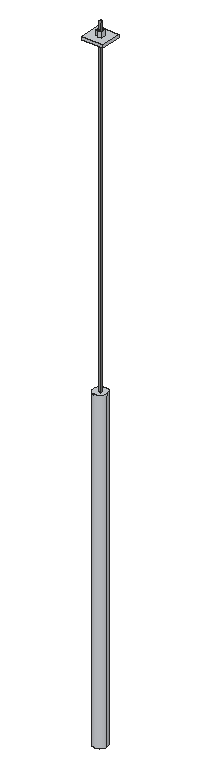
Revit family "FON-C-O-TiranteDywidag verticale", category Modelli generici, Revit 2021
Family settings
  Può ospitare armatura = No
  Quota connettore circolare = Usa diametro
  Tipo di parte = Normale
  Basato su piano di lavoro = Sì
  Sempre verticale = No
  Taglio con vuoti quando caricato = No
  Condiviso = No
  Punto di calcolo locali = No
Parameters
  Spessore piastra [instance] = 50 mm
  Default Elevation = 1219.2 mm
  Profondità piastra [instance] = 500 mm
  Mezza profondità piastra [instance] = 200 mm
  Mezza larghezza piastra [instance] = 200 mm
  Profondità tirante [instance] = 12000 mm
  Lunghezza totale tirante [instance] = 12300 mm
  Linghezza iniezione [instance] = 6000 mm
  Larghezza piastra [instance] = 500 mm
  Diametro iniezione [instance] = 260 mm
  Diametro barra tirante [instance] = 36 mm
  Altezza dado [instance] = 100 mm
  Acciaio Tirante Dywidag [instance] = Acciaio Barra Dywidag
Reference planes
  plane 1 "Center (Front/Back)": y = 0
  plane 2: z = 0
  plane 3 "Center (Left/Right)": x = 0
  plane 4 "Fondo tirante": z = -12000
  plane 5 "Testa iniezione": z = -6000
  plane 6: z = 50
  plane 7 "Bordo Piastra Superiore": y = 200
  plane 8 "Bordo piastra destro": x = 200
  plane 9 "Borso piastra inferiore": y = -200
  plane 10 "Bordo piastra sinistro": x = -200
  plane 11: z = 150
  plane 12 "Lunghezza totale tirante": z = 300
Forms (mm)
  Extrusion 1, solid, material "Acciaio Barra Dywidag" <- "Acciaio Tirante Dywidag"
    sketch origin (0, 0, 0) x (1, 0, 0) y (0, 1, 0)
      loop
        circle (0, 0) r 18
    from 300 to -12000
  Extrusion 2, solid
    sketch origin (0, 0, 0) x (1, 0, 0) y (0, 1, 0)
      loop
        circle (0, 0) r 130
    from -6000 to -12000
  Extrusion 3, solid
    sketch origin (-40, -27.5, 0) x (1, 0, 0) y (0, 1, 0)
      loop
        line (-160, 227.5) -> (-160, -172.5) -> (240, -172.5) -> (240, 227.5) -> (-160, 227.5)
    from 0 to 50
  Extrusion 4, solid
    sketch origin (0, 0, 0) x (1, 0, 0) y (0, 1, 0)
      loop
        line (-30, -17.321) -> (0, -34.641) -> (30, -17.321) -> (30, 17.321) -> (0, 34.641) -> (-30, 17.321) -> (-30, -17.321)
      loop
        line (-51.962, -30) -> (0, -60) -> (51.962, -30) -> (51.962, 30) -> (0, 60) -> (-51.962, 30) -> (-51.962, -30)
    from 50 to 150
Dimensions and locks
  "Profondità tirante": level to plane 4 "Fondo tirante"
  "Linghezza iniezione": plane 5 "Testa iniezione" to plane 4 "Fondo tirante"
  "Spessore piastra": plane 6 to level
  equal spacing: plane 10 "Bordo piastra sinistro", plane 3 "Center (Left/Right)", plane 8 "Bordo piastra destro"
  equal spacing: plane 7 "Bordo Piastra Superiore", plane 1 "Center (Front/Back)", plane 9 "Borso piastra inferiore"
  "Mezza profondità piastra": plane 3 "Center (Left/Right)" to plane 8 "Bordo piastra destro"
  "Mezza larghezza piastra": plane 1 "Center (Front/Back)" to plane 9 "Borso piastra inferiore"
  "Altezza dado": plane 11 to plane 6
  "Lunghezza totale tirante": plane 12 "Lunghezza totale tirante" to plane 4 "Fondo tirante"
  "Diametro barra tirante": diameter of Extrusion 1 sketch curve
  "Diametro iniezione": diameter of Extrusion 2 sketch curve
  aligned and locked: level to plane 2
  aligned and locked: Extrusion 1 to plane 4 "Fondo tirante"
  aligned and locked: plane 5 "Testa iniezione" to Extrusion 2
  aligned and locked: Extrusion 2 to plane 4 "Fondo tirante"
  aligned and locked: plane 6 to Extrusion 3
  aligned and locked: plane 7 "Bordo Piastra Superiore" to Extrusion 3  (x2)
  aligned and locked: Extrusion 3 to plane 8 "Bordo piastra destro"  (x2)
  aligned and locked: plane 9 "Borso piastra inferiore" to Extrusion 3
  aligned and locked: plane 10 "Bordo piastra sinistro" to Extrusion 3
  aligned and locked: plane 11 to Extrusion 4
  aligned and locked: Extrusion 3 to Extrusion 4
  aligned and locked: plane 12 "Lunghezza totale tirante" to Extrusion 1
Automatic sketch dimensions
  Extrusion 3 sketch curve to plane 3 "Center (Left/Right)" = 200 mm
  plane 1 "Center (Front/Back)" to Extrusion 3 sketch curve = 200 mm
  plane 3 "Center (Left/Right)" to Extrusion 3 sketch curve = 200 mm
  Extrusion 3 sketch curve to plane 1 "Center (Front/Back)" = 200 mm
  Extrusion 4 sketch curve to plane 3 "Center (Left/Right)" = 0 mm  (x2)
  Extrusion 4 sketch curve to plane 3 "Center (Left/Right)" = 30 mm
  plane 3 "Center (Left/Right)" to Extrusion 4 sketch curve = 30 mm
  plane 1 "Center (Front/Back)" to Extrusion 4 sketch curve = 34.641 mm
  plane 1 "Center (Front/Back)" to Extrusion 4 sketch curve = 17.321 mm  (x2)
  Extrusion 4 sketch curve to plane 1 "Center (Front/Back)" = 17.321 mm  (x2)
  Extrusion 4 sketch curve to Extrusion 4 sketch curve = 17.321 mm
  plane 1 "Center (Front/Back)" to Extrusion 1 sketch curve = 0 mm
  Extrusion 1 sketch curve to plane 3 "Center (Left/Right)" = 0 mm
  plane 1 "Center (Front/Back)" to Extrusion 2 sketch curve = 0 mm
  Extrusion 2 sketch curve to plane 3 "Center (Left/Right)" = 0 mm
